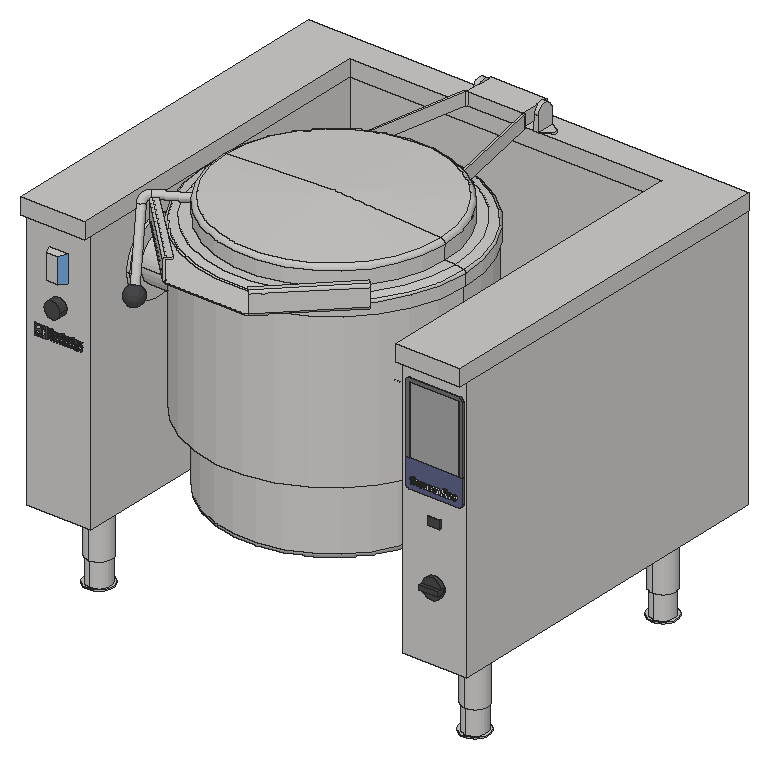
Revit family "QF_ELECTROLUXPROFESSIONAL_587100_PBOT06ECIO", category Attrezzature speciali, Revit 2020
Family settings
  Quota connettore circolare = Usa diametro
  Tipo di parte = Normale
  Basato su piano di lavoro = No
  Sempre verticale = Sì
  Taglio con vuoti quando caricato = No
  Condiviso = No
  Punto di calcolo locali = No
Parameters (values of type "Standard")
  Weight = 170.00 kg
  Watts = 12200 W
  Volts = 440 V
  URL Manufacturer = "https://www.electroluxprofessional.com/"
  URL = "https://www.electroluxprofessional.com/"
  Steam Supply Size = 0 mm
  Steam Supply Minimum Pressure = 0.0 Pa
  Steam Supply Maximum Pressure = 0.0 Pa
  Steam Consumption per Hour = 0
  Refrigeration Suction Line Size = 0.0 mm
  Refrigeration Liquid Line Size = 0.0 mm
  Refrigerant Compressor Remote = yes
  Prospetto di default = 0.0 mm
  Produttore = "Electrolux Professional"
  Phase = 3
  Modello = "PBOT06ECIO"
  Length Actual = 1100.0 mm  # constant formula
  Item Number = "587100"
  Hot Water Size = 12.7 mm
  Height Actual = 700.0 mm  # constant formula
  HP = "16.4 HP"
  Gas Size = 0 mm
  Gas KW = 0
  Gas Input Pressure = 0 W
  Direct Waste Size = 0 mm
  Descrizione = "ELECTRIC BOILING PAN,TILTING,60LT,440V,FS,MARINE"
  Depth Actual = 900.0 mm  # constant formula
  Cycle = 50 Hz
  Condensate Return Size = 0 mm
  Compressed Air Volume = 0.0 L/s
  Compressed Air Size = 0 mm
  Compressed Air Pressure = 0.0 Pa
  Cold Water Size = 12.7 mm
  Accessory = yes
Reference planes
  plane 1 "Center (Front/Back)": y = 0
  plane 2: z = 0
  plane 3 "Center (Left/Right)": x = 0
  plane 4 "LEFT": x = -550
  plane 5 "RIGHT": x = 550
  plane 6 "BACK": y = 450
  plane 7 "FRONT": y = -450
  plane 8 "Base": z = 200
  plane 9 "TOP": z = 900
  plane 10: x = -390
  plane 11: x = 390
  plane 12 "Axe_PentolaY": y = -230
  plane 13 "AxePentolaZ": z = 730
  plane 14 "PLANE_TOP": z = 860
  plane 15: y = 380
  plane 16: x = -324.5
  plane 17: z = 880
  plane 18: z = 495
  plane 19: z = 295
  plane 20: x = -278.5
  plane 21: y = -558
  plane 22 "CentroPentolaY": y = -158
  plane 23 "TopCoperchio": z = 981
  plane 24 "Versamento": z = 910
  plane 25 "V1": through (-107.18, -558, 4000) normal (-0.7071, -0.7071, 0)
  plane 26 "V2": through (107.18, -558, 4000) normal (-0.7071, 0.7071, 0)
  plane 27 "Gfront": y = -1300
  plane 28 "LEVEL": through (-245.562, -289.383, 4000) normal (0.866, 0.5, 0)
  plane 29 "GRight": x = 250
  plane 30 "GLeft": x = -250
  plane 31 "Gback": y = -100
  plane 32: z = 1756
  plane 33 "Ribaltamento": y = -623
  plane 34: x = -470
  plane 35: x = 470
Forms (mm)
  Revolve 1, solid, material "QF_Finishes_Stainless Steel"
    sketch origin (0, 0, 730) x (-1, 0, 0) y (0, -1, 0)
      loop
        line (390, 230) -> (-390, 230) -> (-390, 140) -> (-380, 140) -> (-380, 173) -> (380, 173) -> (380, 140) -> (390, 140) -> (390, 230)
      axis (390, 230) -> (-390, 230)
    angle from 0 to 360
  Extrusion 2, solid, material "QF_Finishes_Stainless Steel"
    sketch origin (0, 0, 860) x (-1, 0, 0) y (0, -1, 0)
      loop
        line (550, 450) -> (390, 450) -> (390, -380) -> (-390, -380) -> (-390, 450) -> (-550, 450) -> (-550, -450) -> (550, -450) -> (550, 450)
    from 0 to 40
  Extrusion 3, solid, material "QF_Finishes_Stainless Steel"
    sketch origin (0, 0, 860) x (-1, 0, 0) y (0, -1, 0)
      loop
        line (390, -380) -> (-390, -380) -> (-390, -450) -> (390, -450) -> (390, -380)
    from 0 to -360
  Revolve 4, solid, material "QF_Finishes_Stainless Steel"
    sketch origin (0, -158, 0) x (-1, 0, 0) y (0, 0, 1)
      loop
        line (0, 880) -> (0, 295)
        arc (0, 295) -> (134.311, 298.607) -> (268.234, 309.425) r 2500
        arc (268.234, 309.425) -> (275.557, 313.176) -> (278.5, 320.859) r 11.5
        line (278.5, 320.859) -> (278.5, 495) -> (324.5, 495) -> (324.5, 880) -> (0, 880)
      axis (0, 880) -> (0, 295)
    angle from 0 to 360
  Revolve 5, solid, material "QF_Finishes_Stainless Steel"
    sketch origin (0, -158, 0) x (-1, 0, 0) y (0, 0, 1)
      loop
        line (329.5, 880) -> (329.5, 908.417)
        arc (329.5, 908.417) -> (328.283, 912.04) -> (325.126, 914.193) r 6
        line (325.126, 914.193) -> (304.5, 920) -> (278.5, 920) -> (278.5, 954.728)
        arc (278.5, 954.728) -> (275.569, 962.398) -> (268.269, 966.158) r 11.5
        arc (268.269, 966.158) -> (134.339, 977.287) -> (0, 981) r 2431.82
        line (0, 981) -> (0, 880) -> (329.5, 880)
      axis (0, 981) -> (0, 880)
    angle from 0 to 360
  Extrusion 6, solid, material "QF_Finishes_Stainless Steel"
    sketch origin (0, 0, 910) x (-1, 0, 0) y (0, -1, 0)
      loop
        line (252.412, 369.799) -> (271.162, 385.532) -> (98.694, 558) -> (-98.694, 558) -> (-102.937, 553.757) -> (-271.162, 385.532) -> (-252.412, 369.799)
        arc (-252.412, 369.799) -> (0, 487.5) -> (252.412, 369.799) r 329.5
    from 0 to 3
  Sweep 7, solid, material "QF_Finishes_Stainless Steel"
    path origin (0, 0, 910) x (-1, 0, 0) y (0, -1, 0)
      loop
        line (107.18, 558) -> (275.776, 389.404)
    profile origin (-191.478, -473.702, 910) x (-0.707107, -0.707107, 0) y (0, 0, 1)
      loop
        arc (-6, 0) -> (-1.757, 1.757) -> (0, 6) r 6
        line (0, 6) -> (0, 50)
        arc (0, 50) -> (-1.757, 54.243) -> (-6, 56) r 6
        line (-6, 56) -> (-19, 56) -> (-19, 53) -> (-6, 53)
        arc (-6, 53) -> (-3.879, 52.121) -> (-3, 50) r 3
        line (-3, 50) -> (-3, 6)
        arc (-3, 6) -> (-3.879, 3.879) -> (-6, 3) r 3
        line (-6, 3) -> (-19, 3) -> (-19, 0) -> (-6, 0)
  Sweep 8, solid, material "QF_Finishes_Stainless Steel"
    path origin (0, 0, 910) x (-1, 0, 0) y (0, -1, 0)
      loop
        line (-107.18, 558) -> (-275.776, 389.404)
    profile origin (191.478, -473.702, 910) x (-0.707107, 0.707107, 0) y (0, 0, 1)
      loop
        arc (0, 6) -> (1.757, 1.757) -> (6, 0) r 6
        line (6, 0) -> (19, 0) -> (19, 3) -> (6, 3)
        arc (6, 3) -> (3.879, 3.879) -> (3, 6) r 3
        line (3, 6) -> (3, 50)
        arc (3, 50) -> (3.879, 52.121) -> (6, 53) r 3
        line (6, 53) -> (19, 53) -> (19, 56) -> (6, 56)
        arc (6, 56) -> (1.757, 54.243) -> (0, 50) r 6
        line (0, 50) -> (0, 6)
  Extrusion 9, solid, material "QF_Finishes_Stainless Steel"
    sketch origin (0, 0, 0) x (0, 1, 0) y (0, 0, 1)
      loop
        line (420, 900) -> (420, 938.813)
        arc (420, 938.813) -> (400, 958.813) -> (380, 938.813) r 20
        line (380, 938.813) -> (380, 900) -> (420, 900)
    from -70 to -82
  Extrusion 10, solid, material "QF_Finishes_Stainless Steel"
    sketch origin (0, 0, 900) x (0, 1, 0) y (-1, 0, 0)
      loop
        arc (340.954, 71.665) -> (343.858, 69.937) -> (345, 66.757) r 5
        line (345, 66.757) -> (345, -66.757)
        arc (345, -66.757) -> (343.858, -69.937) -> (340.954, -71.665) r 5
        line (340.954, -71.665) -> (93.426, -119.779)
        arc (93.426, -119.779) -> (92.062, -122.602) -> (90.666, -125.409) r 278.5
        line (90.666, -125.409) -> (341.908, -76.573)
        arc (341.908, -76.573) -> (346.566, -74.299) -> (349.459, -70) r 10
        line (349.459, -70) -> (420, -70) -> (420, 70) -> (349.459, 70)
        arc (349.459, 70) -> (346.566, 74.299) -> (341.908, 76.573) r 10
        line (341.908, 76.573) -> (90.666, 125.409)
        arc (90.666, 125.409) -> (92.062, 122.602) -> (93.426, 119.779) r 278.5
        line (93.426, 119.779) -> (340.954, 71.665)
    from 23.419 to 54.644
  Extrusion 11, solid, material "QF_Finishes_Stainless Steel"
    sketch origin (0, 0, 0) x (0, 1, 0) y (0, 0, 1)
      loop
        line (420, 900) -> (420, 938.813)
        arc (420, 938.813) -> (400, 958.813) -> (380, 938.813) r 20
        line (380, 938.813) -> (380, 900) -> (420, 900)
    from 70 to 82
  Extrusion 12, solid, material "QF_Finishes_Stainless Steel"
    sketch origin (0, 0, 900) x (0, 1, 0) y (-1, 0, 0)
      loop
        arc (391.973, -103.927) -> (400, -108.689) -> (408.027, -103.927) r 9.146
        line (408.027, -103.927) -> (420, -82) -> (380, -82) -> (391.973, -103.927)
      loop
        line (391.973, 103.927) -> (380, 82) -> (420, 82) -> (408.027, 103.927)
        arc (408.027, 103.927) -> (400, 108.689) -> (391.973, 103.927) r 9.146
    from 0 to 3
  Extrusion 13, solid, material "QF_Door-Drawer Clearances", detail levels coarse
    sketch origin (0, 0, 0) x (0, 1, 0) y (0, 0, 1)
      loop
        line (420, 954.644) -> (-100, 1756.433)
        arc (-100, 1756.433) -> (-429.239, 1419.298) -> (-558, 966) r 958.386
        line (-558, 966) -> (-427.491, 966)
        arc (-427.491, 966) -> (-426.775, 966.163) -> (-426.05, 966.281) r 12.073
        arc (-426.05, 966.281) -> (-158, 981) -> (110.05, 966.281) r 2448.189
        arc (110.05, 966.281) -> (117.432, 962.392) -> (120.529, 954.644) r 12.073
        line (120.529, 954.644) -> (420, 954.644)
    from -125 to 125
  Extrusion 14, solid, material "QF_Door-Drawer Clearances", detail levels coarse
    sketch origin (0, 0, 0) x (0, 1, 0) y (0, 0, 1)
      loop
        arc (-558, 946.483) -> (-618.885, 673.279) -> (-482.5, 428.848) r 393
        line (-482.5, 428.848) -> (-482.5, 880) -> (-487.5, 880) -> (-487.5, 910) -> (-553.757, 910)
        spline (-553.757, 910) -> (-554.311, 910.051) -> (-554.855, 910.204) -> (-555.381, 910.457) -> (-555.879, 910.804) -> (-556.34, 911.24) -> (-556.757, 911.757) -> (-557.123, 912.347) -> (-557.432, 913) -> (-557.677, 913.704) -> (-557.855, 914.447) -> (-557.964, 915.217) -> (-558, 916)
        line (-558, 916) -> (-558, 946.483)
    from -100 to 100
Cuts and joins
  joined: Extrusion 6, Sweep 7, Sweep 8
Lines and regions (mm)
  symbolic lines
    curve 1: line (550, 450, 900) -> (-550, 450, 900)
    curve 2: line (550, -450, 900) -> (550, 450, 900)
    curve 3: line (-550, 450, 900) -> (-550, -450, 900)
    curve 4: line (-550, -450, 900) -> (-390, -450, 900)
    curve 5: line (-390, -450, 900) -> (-390, 380, 900)
    curve 6: line (390, 380, 900) -> (390, -450, 900)
    curve 7: line (390, -450, 900) -> (550, -450, 900)
    curve 8: line (380, -140, 900) -> (380, -320, 900)
    curve 9: line (-380, -140, 900) -> (-380, -320, 900)
    curve 10: arc (329.5, -158, 900) -> (0, 171.5, 900) -> (-329.5, -158, 900) r 329.5
    curve 11: arc (-280.749, -330.483, 900) -> (285.355, 6.75, 900) -> (-289.749, -314.894, 900) r 329.5
    curve 12: circle (0, -158, 900) r 278.5 normal (0, 0, 1)
    curve 13: arc (-259.09, -317.978, 900) -> (263.705, -5.75, 900) -> (-268.09, -302.389, 900) r 304.5
    curve 14: line (-380, -140, 900) -> (-390, -140, 900)
    curve 15: line (-380, -320, 900) -> (-390, -320, 900)
    curve 16: line (380, -140, 900) -> (390, -140, 900)
    curve 17: line (380, -320, 900) -> (390, -320, 900)
    curve 18: line (-70, 349.459, 900) -> (-70, 420, 900)
    curve 19: line (-82, 420, 900) -> (82, 420, 900)
    curve 20: line (70, 420, 900) -> (70, 349.459, 900)
    curve 21: line (-119.779, 93.426, 900) -> (-71.665, 340.954, 900)
    curve 22: line (-76.573, 341.908, 900) -> (-125.409, 90.666, 900)
    curve 23: line (71.665, 340.954, 900) -> (119.779, 93.426, 900)
    curve 24: line (-66.757, 345, 900) -> (66.757, 345, 900)
    curve 25: line (125.409, 90.666, 900) -> (76.573, 341.908, 900)
    curve 26: arc (-70, 349.459, 900) -> (-74.299, 346.566, 900) -> (-76.573, 341.908, 900) r 10
    curve 27: arc (-71.665, 340.954, 900) -> (-69.937, 343.858, 900) -> (-66.757, 345, 900) r 5
    curve 28: arc (66.757, 345, 900) -> (69.937, 343.858, 900) -> (71.665, 340.954, 900) r 5
    curve 29: arc (76.573, 341.908, 900) -> (74.299, 346.566, 900) -> (70, 349.459, 900) r 10
    curve 30: line (107.18, -558, 900) -> (-107.18, -558, 900)
    curve 31: line (-107.18, -558, 900) -> (-275.776, -389.404, 900)
    curve 32: line (-275.776, -389.404, 900) -> (-262.341, -375.969, 900)
    curve 33: line (-262.341, -375.969, 900) -> (-93.745, -544.565, 900)
    curve 34: line (-93.745, -544.565, 900) -> (-107.18, -558, 900)
    curve 35: line (107.18, -558, 900) -> (93.745, -544.565, 900)
    curve 36: line (93.745, -544.565, 900) -> (262.341, -375.969, 900)
    curve 37: line (262.341, -375.969, 900) -> (275.776, -389.404, 900)
    curve 38: line (275.776, -389.404, 900) -> (107.18, -558, 900)
    curve 39: line (261.166, -377.144, 900) -> (252.412, -369.799, 900)
    curve 40: line (-261.166, -377.144, 900) -> (-252.412, -369.799, 900)
    curve 41: line (-103.927, 391.973, 900) -> (-82, 380, 900)
    curve 42: arc (-103.927, 408.027, 900) -> (-108.689, 400, 900) -> (-103.927, 391.973, 900) r 9.146
    curve 43: line (-82, 420, 900) -> (-103.927, 408.027, 900)
    curve 44: line (-82, 420, 900) -> (-82, 380, 900)
    curve 45: line (82, 380, 900) -> (82, 420, 900)
    curve 46: line (103.927, 408.027, 900) -> (82, 420, 900)
    curve 47: arc (103.927, 391.973, 900) -> (108.689, 400, 900) -> (103.927, 408.027, 900) r 9.146
    curve 48: line (82, 380, 900) -> (103.927, 391.973, 900)
    curve 54: line (-390, 380, 900) -> (-70, 380, 900)
    curve 55: line (390, 380, 900) -> (70, 380, 900)
    curve 56: line (-380, -172.761, 900) -> (-329.169, -172.761, 900)
    curve 57: line (-380, -286.868, 900) -> (-303.254, -286.868, 900)
    curve 58: line (380, -172.761, 900) -> (329.169, -172.761, 900)
    curve 59: line (380, -286.868, 900) -> (303.254, -286.868, 900)
  symbolic lines, style "SpecialityEquipmentHiddenLines"
    curve 49: line (-250, -1300, 900) -> (250, -1300, 900)
    curve 50: line (-250, -100, 900) -> (-250, -1300, 900)
    curve 51: line (250, -100, 900) -> (-250, -100, 900)
    curve 52: line (250, -1300, 900) -> (250, -100, 900)
    curve 76: line (0, -1165.484, 900) -> (0, -1135.484, 900)
    curve 77: line (-15, -1150.484, 900) -> (15, -1150.484, 900)
  symbolic lines, style "SpecialityEquipment"
    curve 53: circle (0, -1150.484, 900) r 15 normal (0, 0, 1)
    curve 60: line (210, -1300, 900) -> (210, -1100, 900)
    curve 61: line (170, -1300, 900) -> (170, -1140, 900)
    curve 62: line (130, -1300, 900) -> (130, -1180, 900)
    curve 63: line (90, -1300, 900) -> (90, -1220, 900)
    curve 64: line (90, -1260, 900) -> (250, -1260, 900)
    curve 65: line (130, -1220, 900) -> (250, -1220, 900)
    curve 66: line (170, -1180, 900) -> (250, -1180, 900)
    curve 67: line (210, -1140, 900) -> (250, -1140, 900)
    curve 68: line (-210, -1300, 900) -> (-210, -1100, 900)
    curve 69: line (-170, -1300, 900) -> (-170, -1140, 900)
    curve 70: line (-130, -1300, 900) -> (-130, -1180, 900)
    curve 71: line (-90, -1300, 900) -> (-90, -1220, 900)
    curve 72: line (-90, -1260, 900) -> (-250, -1260, 900)
    curve 73: line (-130, -1220, 900) -> (-250, -1220, 900)
    curve 74: line (-170, -1180, 900) -> (-250, -1180, 900)
    curve 75: line (-210, -1140, 900) -> (-250, -1140, 900)
Dimensions and locks
  plane 4 "LEFT" to plane 5 "RIGHT" = 1100.0 mm
  equal spacing: plane 4 "LEFT", plane 3 "Center (Left/Right)", plane 5 "RIGHT"
  equal spacing: plane 6 "BACK", plane 1 "Center (Front/Back)", plane 7 "FRONT"
  plane 6 "BACK" to plane 7 "FRONT" = 900.0 mm
  plane 8 "Base" to level = 200.0 mm
  plane 9 "TOP" to level = 900.0 mm
  plane 9 "TOP" to plane 8 "Base" = 700.0 mm
  locked: plane 4 "LEFT" to plane 10 at 160
  locked: plane 11 to plane 5 "RIGHT" at 160
  locked: plane 6 "BACK" to plane 12 "Axe_PentolaY" at 680
  locked: plane 13 "AxePentolaZ" to plane 8 "Base" at 530
  locked: Revolve 1 sketch curve to Revolve 1 sketch curve at 57
  locked: Revolve 1 sketch curve to Revolve 1 sketch curve at 90
  locked: plane 10 to Revolve 1 sketch curve at 10
  locked: Revolve 1 sketch curve to plane 11 at 10
  locked: plane 9 "TOP" to plane 14 "PLANE_TOP" at 40
  plane 6 "BACK" to plane 15 = 70.0 mm
  locked: plane 17 to plane 13 "AxePentolaZ" at 150
  locked: plane 13 "AxePentolaZ" to plane 18 at 235
  locked: plane 18 to plane 19 at 200
  locked: plane 3 "Center (Left/Right)" to plane 16 at 324.5
  locked: plane 3 "Center (Left/Right)" to plane 20 at 278.5
  Revolve 5 sketch curve to plane 17 = 40.0 mm
  locked: plane 16 to Revolve 5 sketch curve at 5
  plane 6 "BACK" to plane 21 = 1008.0 mm
  locked: plane 6 "BACK" to plane 22 "CentroPentolaY" at 608
  locked: plane 23 "TopCoperchio" to plane 9 "TOP" at 81
  locked: plane 24 "Versamento" to level at 910
  plane 6 "BACK" to plane 27 "Gfront" = 1750.0 mm
  locked: plane 30 "GLeft" to plane 3 "Center (Left/Right)" at 250
  locked: plane 3 "Center (Left/Right)" to plane 29 "GRight" at 250
  plane 6 "BACK" to plane 31 "Gback" = 550.0 mm
  plane 32 to plane 9 "TOP" = 856.0 mm
  plane 6 "BACK" to plane 33 "Ribaltamento" = 1073.0 mm
  equal spacing: plane 10, plane 34, plane 4 "LEFT"
  equal spacing: plane 5 "RIGHT", plane 35, plane 11
  aligned and locked: level to plane 2
  aligned and locked: plane 5 "RIGHT" to nested 2
  aligned and locked: plane 4 "LEFT" to nested 1
  aligned and locked: plane 8 "Base" to nested 1
  aligned and locked: plane 8 "Base" to nested 2
  aligned and locked: plane 6 "BACK" to nested 2
  aligned and locked: plane 6 "BACK" to nested 1
  aligned and locked: plane 10 to Revolve 1 sketch curve
  aligned and locked: plane 11 to Revolve 1 sketch curve
  aligned and locked: plane 4 "LEFT" to Extrusion 2 sketch curve
  aligned and locked: Extrusion 2 sketch curve to plane 10
  aligned and locked: plane 7 "FRONT" to Extrusion 2 sketch curve  (x2)
  aligned and locked: Extrusion 2 sketch curve to plane 5 "RIGHT"
  aligned and locked: plane 11 to Extrusion 2 sketch curve
  aligned and locked: Extrusion 2 sketch curve to plane 6 "BACK"
  aligned and locked: plane 15 to Extrusion 2 sketch curve
  aligned and locked: Extrusion 3 sketch curve to plane 10
  aligned and locked: plane 6 "BACK" to Extrusion 3 sketch curve
  aligned and locked: plane 11 to Extrusion 3 sketch curve
  aligned and locked: Extrusion 3 sketch curve to plane 15
  aligned and locked: plane 3 "Center (Left/Right)" to Revolve 4 sketch curve
  aligned and locked: Revolve 4 sketch curve to plane 20
  aligned and locked: Revolve 4 sketch curve to plane 18
  aligned and locked: Revolve 4 sketch curve to plane 16
  aligned and locked: plane 17 to Revolve 4 sketch curve
  aligned and locked: Revolve 5 sketch curve to plane 17
  aligned and locked: Extrusion 9 sketch curve to plane 15
  aligned and locked: Extrusion 9 sketch curve to Extrusion 2
  aligned and locked: curve 49 to plane 27 "Gfront"
  aligned and locked: curve 50 to plane 30 "GLeft"
  aligned and locked: plane 29 "GRight" to curve 52
  aligned and locked: plane 31 "Gback" to curve 51
  aligned and locked: plane 34 to nested 3
  aligned and locked: plane 35 to nested 4
Automatic sketch dimensions
  Revolve 1 sketch curve to plane 12 "Axe_PentolaY" = 0.0 mm  (x2)
  plane 22 "CentroPentolaY" to Revolve 1 sketch curve = 18.0 mm
  plane 5 "RIGHT" to Revolve 1 sketch curve = 432.098 mm
  Revolve 1 sketch curve to plane 4 "LEFT" = 580.148 mm
  Revolve 4 sketch curve to plane 3 "Center (Left/Right)" = 0.0 mm
  Revolve 4 sketch curve to plane 19 = 0.0 mm
  Revolve 4 sketch curve to plane 3 "Center (Left/Right)" = 0.059 mm
  Revolve 4 sketch curve to Revolve 4 sketch curve = 11.5 mm
  plane 19 to Revolve 4 sketch curve = 25.859 mm
  plane 23 "TopCoperchio" to Revolve 4 sketch curve = 1814.0 mm
  level to Revolve 4 sketch curve = 60.0 mm
  plane 23 "TopCoperchio" to Revolve 4 sketch curve = 179.0 mm
  Revolve 5 sketch curve to plane 3 "Center (Left/Right)" = 0.0 mm  (x2)
  plane 20 to Revolve 5 sketch curve = 0.0 mm
  Revolve 5 sketch curve to plane 23 "TopCoperchio" = 0.0 mm
  Revolve 5 sketch curve to Revolve 5 sketch curve = 11.5 mm
  plane 16 to Revolve 5 sketch curve = 20.0 mm
  plane 16 to Revolve 5 sketch curve = 1.0 mm
  Revolve 5 sketch curve to plane 16 = 0.626 mm
  Revolve 5 sketch curve to level = 1450.82 mm
  Revolve 5 sketch curve to plane 24 "Versamento" = 1.583 mm
  Revolve 5 sketch curve to plane 23 "TopCoperchio" = 26.272 mm
  Revolve 5 sketch curve to plane 18 = 95.0 mm
  plane 23 "TopCoperchio" to Revolve 5 sketch curve = 179.0 mm
  Sweep 7 sketch curve to plane 21 = 0.0 mm
  plane 25 "V1" to Sweep 7 sketch curve = 0.0 mm  (x2)
  plane 20 to Sweep 7 sketch curve = 2.724 mm
  Sweep 7 sketch curve to Sweep 7 sketch curve = 0.0 mm  (x4)
  plane 24 "Versamento" to Sweep 7 sketch curve = 0.0 mm
  Sweep 7 sketch curve to profile plane = 0.0 mm
  Sweep 7 sketch curve to Sweep 7 sketch curve = 3.0 mm  (x3)
  Sweep 7 sketch curve to Sweep 7 sketch curve = 13.0 mm  (x2)
  Sweep 7 sketch curve to Sweep 7 sketch curve = 44.0 mm
  Sweep 8 sketch curve to plane 26 "V2" = 0.0 mm  (x2)
  Sweep 8 sketch curve to plane 21 = 0.0 mm
  plane 29 "GRight" to Sweep 8 sketch curve = 25.776 mm
  Sweep 8 sketch curve to Sweep 8 sketch curve = 0.0 mm  (x4)
  Sweep 8 sketch curve to profile plane = 0.0 mm
  plane 24 "Versamento" to Sweep 8 sketch curve = 0.0 mm
  Sweep 8 sketch curve to Sweep 8 sketch curve = 3.0 mm  (x2)
  Sweep 8 sketch curve to profile plane = 6.0 mm
  Sweep 8 sketch curve to Sweep 8 sketch curve = 13.0 mm  (x2)
  Sweep 8 sketch curve to Sweep 8 sketch curve = 44.0 mm
  plane 15 to Extrusion 9 sketch curve = 20.0 mm
  plane 24 "Versamento" to Extrusion 9 sketch curve = 28.813 mm
  Extrusion 10 sketch curve to Extrusion 10 sketch curve = 0.0 mm  (x6)
  Extrusion 10 sketch curve to plane 3 "Center (Left/Right)" = 0.0 mm
  Extrusion 10 sketch curve to plane 22 "CentroPentolaY" = 0.0 mm
  Extrusion 10 sketch curve to plane 1 "Center (Front/Back)" = 90.666 mm  (x2)
  Extrusion 10 sketch curve to Extrusion 10 sketch curve = 2.76 mm  (x2)
  Extrusion 10 sketch curve to plane 15 = 40.0 mm  (x2)
  Extrusion 10 sketch curve to Extrusion 10 sketch curve = 0.954 mm  (x4)
  Extrusion 10 sketch curve to Extrusion 10 sketch curve = 5.0 mm
  Extrusion 10 sketch curve to Extrusion 10 sketch curve = 4.459 mm  (x2)
  Extrusion 10 sketch curve to plane 6 "BACK" = 30.0 mm
  plane 3 "Center (Left/Right)" to Extrusion 10 sketch curve = 66.757 mm
  plane 3 "Center (Left/Right)" to Extrusion 10 sketch curve = 70.0 mm
  plane 3 "Center (Left/Right)" to Extrusion 10 sketch curve = 119.779 mm
  Extrusion 10 sketch curve to plane 3 "Center (Left/Right)" = 66.757 mm
  Extrusion 10 sketch curve to Extrusion 10 sketch curve = 3.243 mm
  Extrusion 10 sketch curve to plane 3 "Center (Left/Right)" = 119.779 mm
  Extrusion 11 sketch curve to plane 9 "TOP" = 0.0 mm
  Extrusion 11 sketch curve to plane 15 = 0.0 mm
  plane 15 to Extrusion 11 sketch curve = 20.0 mm
  plane 24 "Versamento" to Extrusion 11 sketch curve = 28.813 mm
  Extrusion 12 sketch curve to plane 15 = 0.0 mm  (x2)
  plane 15 to Extrusion 12 sketch curve = 11.973 mm  (x2)
  Extrusion 12 sketch curve to Extrusion 12 sketch curve = 8.027 mm  (x4)
  Extrusion 12 sketch curve to Extrusion 12 sketch curve = 11.973 mm  (x2)
  plane 3 "Center (Left/Right)" to Extrusion 12 sketch curve = 103.927 mm
  Extrusion 12 sketch curve to Extrusion 12 sketch curve = 4.383 mm  (x2)
  Extrusion 12 sketch curve to Extrusion 12 sketch curve = 21.927 mm
  Extrusion 12 sketch curve to plane 3 "Center (Left/Right)" = 82.0 mm
  Extrusion 12 sketch curve to Extrusion 12 sketch curve = 17.543 mm
  Extrusion 13 sketch curve to plane 22 "CentroPentolaY" = 0.0 mm
  Extrusion 13 sketch curve to plane 31 "Gback" = 0.0 mm
  plane 7 "FRONT" to Extrusion 13 sketch curve = 22.509 mm
  Extrusion 13 sketch curve to Extrusion 13 sketch curve = 3.031 mm
  Extrusion 13 sketch curve to plane 23 "TopCoperchio" = 26.686 mm
  Extrusion 13 sketch curve to plane 1 "Center (Front/Back)" = 108.46 mm
  Extrusion 13 sketch curve to Extrusion 13 sketch curve = 12.068 mm
  Extrusion 13 sketch curve to level = 1467.189 mm
  Extrusion 13 sketch curve to Extrusion 13 sketch curve = 11.686 mm
  Extrusion 13 sketch curve to Extrusion 13 sketch curve = 1.441 mm
  plane 32 to Extrusion 13 sketch curve = 0.433 mm
  Extrusion 13 sketch curve to plane 21 = 0.0 mm
  plane 15 to Extrusion 13 sketch curve = 20.0 mm
  Extrusion 13 sketch curve to Extrusion 13 sketch curve = 20.0 mm
  Extrusion 13 sketch curve to Extrusion 13 sketch curve = 15.501 mm
  Extrusion 13 sketch curve to Extrusion 13 sketch curve = 0.331 mm
  Extrusion 14 sketch curve to plane 21 = 0.0 mm
  Extrusion 14 sketch curve to plane 24 "Versamento" = 0.0 mm
  Extrusion 14 sketch curve to plane 17 = 0.0 mm
  Extrusion 14 sketch curve to plane 12 "Axe_PentolaY" = 0.0 mm
  Extrusion 14 sketch curve to plane 13 "AxePentolaZ" = 0.0 mm
  Extrusion 14 sketch curve to plane 7 "FRONT" = 37.5 mm
  Extrusion 14 sketch curve to plane 7 "FRONT" = 32.5 mm
  Extrusion 14 sketch curve to plane 18 = 66.152 mm
  plane 21 to Extrusion 14 sketch curve = 4.243 mm
  Extrusion 14 sketch curve to Extrusion 14 sketch curve = 4.243 mm
  plane 24 "Versamento" to Extrusion 14 sketch curve = 6.0 mm
  Extrusion 14 sketch curve to Extrusion 14 sketch curve = 0.0 mm
  Extrusion 6 sketch curve to plane 3 "Center (Left/Right)" = 0.0 mm
  Extrusion 6 sketch curve to plane 21 = 0.0 mm
  Extrusion 6 sketch curve to plane 22 "CentroPentolaY" = 0.0 mm
  plane 3 "Center (Left/Right)" to Extrusion 6 sketch curve = 98.694 mm
  plane 21 to Extrusion 6 sketch curve = 4.243 mm
  Extrusion 6 sketch curve to Extrusion 6 sketch curve = 4.243 mm
  plane 29 "GRight" to Extrusion 6 sketch curve = 2.412 mm
  plane 29 "GRight" to Extrusion 6 sketch curve = 21.162 mm
  Extrusion 6 sketch curve to plane 30 "GLeft" = 2.412 mm
  plane 20 to Extrusion 6 sketch curve = 7.338 mm
  plane 7 "FRONT" to Extrusion 6 sketch curve = 80.201 mm
  Extrusion 6 sketch curve to Extrusion 6 sketch curve = 15.734 mm  (x2)
  Extrusion 6 sketch curve to plane 3 "Center (Left/Right)" = 98.694 mm
  curve 10 to curve 11 = 0.0 mm  (x4)
  curve 10 to curve 12 = 0.0 mm  (x3)
  curve 10 to curve 13 = 0.0 mm  (x4)
  curve 26 to curve 27 = 0.0 mm  (x2)
  curve 28 to curve 29 = 0.0 mm  (x2)
  curve 76 to plane 3 "Center (Left/Right)" = 0.0 mm
  curve 53 to plane 3 "Center (Left/Right)" = 0.0 mm
  curve 35 to plane 21 = 0.0 mm
  curve 5 to plane 7 "FRONT" = 0.0 mm
  curve 7 to plane 5 "RIGHT" = 0.0 mm
  curve 7 to plane 7 "FRONT" = 0.0 mm
  plane 25 "V1" to curve 32 = 0.0 mm
  curve 38 to plane 26 "V2" = 0.0 mm  (x2)
  curve 17 to plane 11 = 0.0 mm
  curve 15 to plane 10 = 0.0 mm
  curve 55 to plane 15 = 0.0 mm
  curve 54 to plane 15 = 0.0 mm
  curve 2 to plane 6 "BACK" = 0.0 mm
  plane 25 "V1" to curve 31 = 0.0 mm
  curve 3 to plane 4 "LEFT" = 0.0 mm
  plane 27 "Gfront" to curve 53 = 149.516 mm
  plane 21 to curve 33 = 13.435 mm
  plane 21 to curve 35 = 13.435 mm
  plane 20 to curve 32 = 2.724 mm
  plane 29 "GRight" to curve 38 = 25.776 mm
  plane 10 to curve 9 = 10.0 mm
  curve 9 to plane 12 "Axe_PentolaY" = 90.0 mm
  curve 8 to plane 11 = 10.0 mm
  curve 8 to plane 12 "Axe_PentolaY" = 90.0 mm
  plane 22 "CentroPentolaY" to curve 8 = 18.0 mm
  plane 22 "CentroPentolaY" to curve 14 = 18.0 mm
  curve 26 to plane 15 = 40.0 mm
  curve 28 to plane 15 = 40.0 mm
  curve 26 to curve 21 = 0.954 mm
  curve 28 to curve 23 = 0.954 mm
  curve 27 to curve 22 = 0.954 mm
  curve 28 to curve 25 = 0.954 mm
  curve 26 to curve 24 = 5.0 mm
  curve 24 to curve 20 = 4.459 mm
  curve 27 to curve 18 = 4.459 mm
  plane 15 to curve 48 = 11.973 mm
  plane 15 to curve 41 = 11.973 mm
  curve 42 to curve 42 = 8.027 mm
  curve 48 to curve 47 = 8.027 mm
  curve 42 to curve 43 = 8.027 mm
  curve 47 to curve 46 = 8.027 mm
  curve 43 to curve 43 = 11.973 mm
  plane 3 "Center (Left/Right)" to curve 48 = 103.927 mm
  curve 46 to curve 47 = 4.383 mm
  curve 46 to curve 45 = 21.927 mm
  curve 45 to curve 25 = 5.427 mm
  curve 25 to curve 23 = 4.908 mm
  curve 26 to plane 3 "Center (Left/Right)" = 66.757 mm
  curve 27 to curve 18 = 3.243 mm
  curve 18 to curve 44 = 12.0 mm
  curve 19 to curve 42 = 17.543 mm
  curve 42 to curve 41 = 4.383 mm
  curve 71 to curve 72 = 40.0 mm
  curve 63 to curve 64 = 40.0 mm
  curve 72 to curve 73 = 40.0 mm
  curve 64 to curve 65 = 40.0 mm
  curve 63 to curve 65 = 0.0 mm
  curve 73 to curve 71 = 0.0 mm
  curve 73 to curve 74 = 40.0 mm
  curve 65 to curve 62 = 40.0 mm
  curve 62 to curve 66 = 0.0 mm
  curve 74 to curve 70 = 0.0 mm
  curve 76 to curve 53 = 15.0 mm
  curve 77 to curve 53 = 0.0 mm
  curve 66 to curve 67 = 40.0 mm
  curve 74 to curve 75 = 40.0 mm
  curve 75 to curve 69 = 0.0 mm
  curve 61 to curve 67 = 0.0 mm
  curve 67 to curve 60 = 40.0 mm
  curve 75 to curve 68 = 40.0 mm
  curve 40 to plane 30 "GLeft" = 11.166 mm
  plane 29 "GRight" to curve 39 = 11.166 mm
  curve 40 to plane 30 "GLeft" = 2.412 mm
  curve 40 to curve 40 = 7.345 mm
  plane 29 "GRight" to curve 39 = 2.412 mm
  curve 11 to plane 20 = 2.249 mm
  curve 13 to plane 30 "GLeft" = 9.09 mm
  curve 11 to plane 20 = 11.249 mm
  plane 20 to curve 13 = 10.41 mm
  plane 29 "GRight" to curve 59 = 53.254 mm
  curve 9 to curve 57 = 33.132 mm
  curve 56 to plane 16 = 4.669 mm
  curve 58 to plane 22 "CentroPentolaY" = 14.761 mm
  curve 22 to plane 1 "Center (Front/Back)" = 90.666 mm
  curve 25 to plane 1 "Center (Front/Back)" = 90.666 mm
  curve 25 to curve 23 = 2.76 mm
  curve 22 to curve 21 = 2.76 mm
  curve 10 to curve 58 = 0.331 mm
  curve 67 to curve 67 = 40.0 mm
  curve 67 to curve 66 = 40.0 mm
  curve 61 to curve 62 = 40.0 mm
  plane 3 "Center (Left/Right)" to curve 25 = 125.409 mm
  curve 62 to curve 64 = 40.0 mm
  curve 71 to plane 3 "Center (Left/Right)" = 90.0 mm
  curve 71 to curve 73 = 40.0 mm
  curve 70 to curve 69 = 40.0 mm
  curve 68 to curve 49 = 40.0 mm
  curve 11 to curve 12 = 0.0 mm  (x2)
  curve 11 to curve 13 = 0.0 mm  (x2)
  curve 12 to curve 13 = 0.0 mm  (x2)
  curve 13 to plane 3 "Center (Left/Right)" = 0.0 mm
  curve 13 to plane 22 "CentroPentolaY" = 0.0 mm
  curve 11 to curve 13 = 12.505 mm
Nested families
  nested 1: "QF_ELECTROLUXPROFESSIONAL_PBOT900_LEFT" at (-470, 0, 0), type "QF_ELECTROLUXPROFESSIONAL_PBOT900_LEFT"
    with Body Finish QF_Finishes_Stainless Steel
  nested 2: "QF_ELECTROLUXPROFESSIONAL_PBOT900_RIGHT" at (470, 0, 0), type "QF_ELECTROLUXPROFESSIONAL_PBOT900_RIGHT"
    with Body Finish QF_Finishes_Stainless Steel
  nested 3: "QF_ELECTROLUXPROFESSIONAL_2FEET_THL_120xH200" at (-470, 0, 0), type "QF_ELECTROLUXPROFESSIONAL_2FEET_THL_120xH200"
  nested 4: "QF_ELECTROLUXPROFESSIONAL_2FEET_THL_120xH200" at (470, 0, 0), type "QF_ELECTROLUXPROFESSIONAL_2FEET_THL_120xH200"
  nested 5: "QF_ELECTROLUXPROFESSIONAL_PBOT900_LEVEL1" at (-241.188, -297.25, 940) x (0.866, 0.5, 0) z (0, 0, 1), type "QF_ELECTROLUXPROFESSIONAL_PBOT900_LEVEL1"
Connectors
  piping at (-500, 453, 395), diameter 12.7, driven by "Hot Water Size"
    settings: on nested 1, index 1, connector inside diameter 609.6 mm, connector length 0.0 mm, flow factor 0, pipe flow 0.0 L/s, pressure drop 0.0 Pa, fitting loss kfactor 0, connector angle 0.00°, fixture units 0, engagement length 0.0 mm, angle of deflection 0.00°, flow configuration 1, flow direction 1, fitting loss method 0, system type 19, joint type 0, gender type 0, connector reference index -1, connector utility 0, adjustable connector no, is connector primary yes, connector description "Hot Water Inlet"
  piping at (-440, 453, 395), diameter 12.7, driven by "Cold Water Size"
    settings: on nested 1, index 2, connector inside diameter 609.6 mm, connector length 0.0 mm, flow factor 0, pipe flow 0.0 L/s, pressure drop 0.0 Pa, fitting loss kfactor 0, connector angle 0.00°, fixture units 0, engagement length 0.0 mm, angle of deflection 0.00°, flow configuration 1, flow direction 1, fitting loss method 0, system type 20, joint type 0, gender type 0, connector reference index -1, connector utility 0, adjustable connector no, is connector primary no, connector description "Cold Water Inlet"
  electrical at (470, 450, 450), driven by "Volts"
    settings: on nested 2, index 3, voltage 440 V, apparent load 0 VA, apparent load phase1 0 VA, apparent load phase2 0 VA, apparent load phase3 0 VA, power factor 1, load classification "Other", number of poles 1, system type 30, power factor state 1, is connector primary yes, connector utility no, sub classification motor no, connector description "Electrical Connection"
Definition of nested family "QF_ELECTROLUXPROFESSIONAL_PBOT900_LEFT"
  Parameters
    Width = 160.0 mm
    Right = Width / 2  # 80.0 mm
    Default Elevation = 0.0 mm
    Left = -Width / 2  # -80.0 mm
    Htop = 40.0 mm
    Height = 900.0 mm
    HW_CW_y = 312.0 mm
    HW_CW_Border = 50.0 mm
    HBase = 200.0 mm
    Depth = 900.0 mm
    BorderFront = 20.0 mm
    Body Finish [instance] = none
  Reference planes
    plane 1 "Center (Front/Back)": y = 0
    plane 2: z = 0
    plane 3 "Center (Left/Right)": x = 0
    plane 4 "LEFT": x = -80
    plane 5 "RIGHT": x = 80
    plane 6 "BACK": y = 450
    plane 7 "FRONT": y = -450
    plane 8 "TRAYSLIDER": y = -811.8
    plane 9 "Base": z = 200
    plane 10 "TOP": z = 900
    plane 11 "BorderFront": y = -430
    plane 12: z = 860
    plane 13 "HW_CW": y = 138
    plane 14: x = -30
    plane 15: x = 30
  Forms (mm)
    Extrusion 1, solid
      sketch origin (0, 0, 0) x (1, 0, 0) y (0, 1, 0)
        loop
          line (-80, 450) -> (-80, -430) -> (80, -430) -> (80, 450) -> (-80, 450)
      from 860 to 200
    Extrusion 2, solid
      sketch origin (-1.5, -430, 0) x (-1, 0, 0) y (0, 0, 1)
        loop
          circle (-1.5, 673.484) r 20
      from 0 to -20
    Extrusion 3, solid, material <- "Body Finish"
      sketch origin (0, 450, 0) x (-1, 0, 0) y (0, 0, 1)
        loop
          circle (30, 395) r 6.35
        loop
          circle (-30, 395) r 6.35
      from 3 to 0
    Blend 4, solid, material <- "Body Finish"
      base sketch origin (0, -430, -0.233) x (-1, 0, 0) y (0, 0, 1)
        loop
          line (23.5, 800.233) -> (-23.5, 800.233) -> (-23.5, 733.433) -> (23.5, 733.433) -> (23.5, 800.233)
      top sketch origin (0, -430, -0.233) x (-1, 0, 0) y (0, 0, 1)
        loop
          line (13.448, 797.45) -> (-13.448, 797.45) -> (-13.448, 736.216) -> (13.448, 736.216) -> (13.448, 797.45)
      from 0 to -20
    Extrusion 5, solid
      sketch origin (-12.54, -430, 23) x (-1, 0, 0) y (0, 0, 1)
        loop
          line (5.327, 593.058) -> (5.327, 590.846) -> (11.437, 590.846) -> (11.437, 587.616) -> (5.692, 587.616) -> (5.692, 585.398) -> (11.437, 585.398) -> (11.437, 583.444)
          arc (11.437, 583.444) -> (10.839, 582.088) -> (9.435, 581.614) r 1.838
          line (9.435, 581.614) -> (5.163, 581.614) -> (5.163, 579.403) -> (9.986, 579.403)
          arc (9.986, 579.403) -> (12.674, 580.517) -> (13.788, 583.205) r 3.802
          line (13.788, 583.205) -> (13.788, 593.058) -> (5.327, 593.058)
        loop
          line (3.492, 593.058) -> (1.141, 593.058) -> (1.141, 579.403) -> (3.492, 579.403) -> (3.492, 593.058)
        loop
          line (-47.588, 593.058) -> (-49.941, 593.058) -> (-49.941, 579.403) -> (-47.588, 579.403) -> (-47.588, 593.058)
        loop
          arc (-2.749, 583.764) -> (-3.194, 582.272) -> (-4.489, 581.409) r 2.29
          arc (-4.489, 581.409) -> (-6.614, 581.225) -> (-8.443, 582.322) r 3.458
          line (-8.443, 582.322) -> (-9.836, 580.928)
          arc (-9.836, 580.928) -> (-7.685, 579.48) -> (-5.119, 579.102) r 5.86
          arc (-5.119, 579.102) -> (-1.823, 580.467) -> (-0.457, 583.764) r 4.662
          arc (-0.457, 583.764) -> (-1.495, 587.706) -> (-5.131, 589.55) r 4.976
          arc (-5.131, 589.55) -> (-9.259, 588.004) -> (-10.466, 583.764) r 4.89
          line (-10.466, 583.764) -> (-2.749, 583.764)
        loop
          arc (-2.808, 585.417) -> (-3.843, 587.066) -> (-5.727, 587.557) r 2.64
          arc (-5.727, 587.557) -> (-7.36, 586.981) -> (-8.104, 585.417) r 2.256
          line (-8.104, 585.417) -> (-2.808, 585.417)
        loop
          arc (-19.634, 586.402) -> (-17.741, 587.437) -> (-15.609, 587.112) r 3.369
          arc (-15.609, 587.112) -> (-14.276, 585.699) -> (-14.118, 583.764) r 2.933
          arc (-14.118, 583.764) -> (-16.389, 581.316) -> (-19.559, 582.365) r 3.088
          line (-19.559, 582.365) -> (-21.028, 580.896)
          arc (-21.028, 580.896) -> (-14.811, 579.611) -> (-11.775, 585.186) r 5.33
          arc (-11.775, 585.186) -> (-13.576, 588.365) -> (-17.009, 589.62) r 5.293
          arc (-17.009, 589.62) -> (-19.259, 589.219) -> (-21.111, 587.878) r 5.117
          line (-21.111, 587.878) -> (-19.634, 586.402)
        loop
          line (-22.556, 593.058) -> (-24.908, 593.058) -> (-24.908, 589.279) -> (-27.044, 589.279) -> (-27.044, 587.143) -> (-24.908, 587.143) -> (-24.908, 583.764)
          arc (-24.908, 583.764) -> (-25.11, 582.682) -> (-25.866, 581.883) r 1.949
          arc (-25.866, 581.883) -> (-26.455, 581.649) -> (-27.088, 581.601) r 2.118
          line (-27.088, 581.601) -> (-27.088, 579.397)
          arc (-27.088, 579.397) -> (-24.962, 579.678) -> (-23.283, 581.013) r 4.018
          arc (-23.283, 581.013) -> (-22.759, 582.327) -> (-22.556, 583.727) r 6.031
          line (-22.556, 583.727) -> (-22.556, 593.058)
        loop
          line (-31.355, 584.595) -> (-31.355, 579.403) -> (-29.023, 579.403) -> (-29.023, 589.279) -> (-31.355, 589.279) -> (-31.355, 587.855)
          arc (-31.355, 587.855) -> (-32.932, 589.208) -> (-35.001, 589.403) r 3.432
          line (-35.001, 589.403) -> (-35.001, 587.143)
          arc (-35.001, 587.143) -> (-33.417, 587.175) -> (-32.009, 586.452) r 3.231
          arc (-32.009, 586.452) -> (-31.523, 585.579) -> (-31.355, 584.595) r 2.967
        loop
          circle (-40.752, 584.339) r 5.233
        loop
          circle (-40.752, 584.339) r 3.172
        loop
          line (-58.424, 583.516) -> (-58.424, 589.279) -> (-60.794, 589.279) -> (-60.794, 583.417)
          arc (-60.794, 583.417) -> (-59.481, 580.276) -> (-56.268, 579.153) r 4.181
          arc (-56.268, 579.153) -> (-53.09, 580.243) -> (-51.74, 583.32) r 4.181
          line (-51.74, 583.32) -> (-51.74, 589.279) -> (-54.111, 589.279) -> (-54.111, 583.516)
          arc (-54.111, 583.516) -> (-54.692, 581.919) -> (-56.268, 581.283) r 2.088
          arc (-56.268, 581.283) -> (-57.843, 581.919) -> (-58.424, 583.516) r 2.088
        loop
          line (-62.216, 589.279) -> (-64.76, 589.279) -> (-66.89, 586.347) -> (-69.053, 589.279) -> (-71.621, 589.279) -> (-68.238, 584.695) -> (-71.937, 579.4) -> (-69.425, 579.4) -> (-66.898, 582.879) -> (-64.408, 579.4) -> (-61.879, 579.4) -> (-65.631, 584.642) -> (-62.216, 589.279)
        loop
          arc (12.465, 573.743) -> (10.91, 572.325) -> (12.18, 570.647) r 1.561
          line (12.18, 570.647) -> (13.314, 570.647) -> (13.314, 569.021) -> (14.34, 569.021) -> (14.34, 573.743) -> (12.465, 573.743)
        loop
          line (12.224, 571.575) -> (13.314, 571.575) -> (13.314, 572.789) -> (12.224, 572.789)
          arc (12.224, 572.789) -> (11.836, 572.182) -> (12.224, 571.575) r 0.668
        loop
          arc (5.055, 573.743) -> (3.966, 573.299) -> (3.497, 572.221) r 1.559
          arc (3.497, 572.221) -> (3.646, 571.544) -> (4.091, 571.012) r 1.458
          line (4.091, 571.012) -> (3.163, 569.021) -> (4.265, 569.021) -> (4.944, 570.647) -> (5.937, 570.647) -> (5.937, 569.021) -> (6.963, 569.021) -> (6.963, 573.743) -> (5.055, 573.743)
        loop
          line (5.937, 572.789) -> (4.847, 572.789)
          arc (4.847, 572.789) -> (4.459, 572.182) -> (4.847, 571.575) r 0.668
          line (4.847, 571.575) -> (5.937, 571.575) -> (5.937, 572.789)
        loop
          circle (-2.866, 571.382) r 2.453
        loop
          circle (-2.866, 571.382) r 1.557
        loop
          line (-9.35, 573.743) -> (-12.299, 573.743) -> (-12.299, 572.725) -> (-10.352, 572.725) -> (-10.352, 571.729) -> (-12.129, 571.729) -> (-12.129, 570.671) -> (-10.352, 570.671) -> (-10.352, 569.021) -> (-9.35, 569.021) -> (-9.35, 573.743)
        loop
          line (-16.282, 573.743) -> (-19.27, 573.743) -> (-19.27, 572.851) -> (-17.252, 572.851) -> (-17.252, 571.921) -> (-19.139, 571.921) -> (-19.139, 571.029) -> (-17.252, 571.029)
          arc (-17.252, 571.029) -> (-17.355, 570.353) -> (-17.883, 569.916) r 0.961
          line (-17.883, 569.916) -> (-19.316, 569.916) -> (-19.316, 569.024) -> (-17.792, 569.024)
          arc (-17.792, 569.024) -> (-16.717, 569.474) -> (-16.282, 570.555) r 1.51
          line (-16.282, 570.555) -> (-16.282, 573.743)
        loop
          line (-33.381, 573.145) -> (-32.842, 572.436)
          arc (-32.842, 572.436) -> (-32.43, 572.802) -> (-31.895, 572.931) r 1.135
          arc (-31.895, 572.931) -> (-31.448, 572.574) -> (-31.757, 572.093) r 0.427
          arc (-31.757, 572.093) -> (-32.293, 571.892) -> (-32.815, 571.659) r 9.371
          arc (-32.815, 571.659) -> (-33.228, 571.39) -> (-33.551, 571.017) r 1.779
          arc (-33.551, 571.017) -> (-33.7, 570.209) -> (-33.41, 569.439) r 1.535
          arc (-33.41, 569.439) -> (-32.755, 569.091) -> (-32.028, 568.946) r 2.556
          arc (-32.028, 568.946) -> (-31.439, 569.005) -> (-30.895, 569.238) r 1.957
          arc (-30.895, 569.238) -> (-30.416, 569.671) -> (-30.118, 570.245) r 1.815
          line (-30.118, 570.245) -> (-30.944, 570.63)
          arc (-30.944, 570.63) -> (-31.179, 570.219) -> (-31.563, 569.943) r 1.118
          arc (-31.563, 569.943) -> (-32.007, 569.83) -> (-32.453, 569.935) r 0.963
          arc (-32.453, 569.935) -> (-32.693, 570.417) -> (-32.345, 570.828) r 0.489
          arc (-32.345, 570.828) -> (-31.793, 571.095) -> (-31.211, 571.289) r 4.78
          arc (-31.211, 571.289) -> (-30.52, 572.116) -> (-30.631, 573.188) r 1.385
          arc (-30.631, 573.188) -> (-31.232, 573.642) -> (-31.964, 573.821) r 1.872
          arc (-31.964, 573.821) -> (-32.756, 573.658) -> (-33.381, 573.145) r 1.69
        loop
          line (-37.714, 573.743) -> (-38.684, 573.743) -> (-38.684, 569.024) -> (-37.714, 569.024) -> (-37.714, 573.743)
        loop
          circle (-45.226, 571.384) r 1.468
        loop
          circle (-45.226, 571.384) r 2.451
        loop
          line (-51.736, 569.024) -> (-51.736, 573.743) -> (-52.679, 573.743) -> (-54.838, 570.686) -> (-54.838, 573.743) -> (-55.818, 573.743) -> (-55.818, 569.024) -> (-54.875, 569.024) -> (-52.716, 571.991) -> (-52.716, 569.024) -> (-51.736, 569.024)
        loop
          line (-60.71, 569.024) -> (-59.668, 569.024) -> (-61.514, 573.743) -> (-62.424, 573.743) -> (-64.417, 569.024) -> (-63.375, 569.024) -> (-62.915, 570.042) -> (-61.17, 570.042) -> (-60.71, 569.024)
        loop
          line (-62.48, 571.01) -> (-61.558, 571.01) -> (-62.012, 572.047) -> (-62.48, 571.01)
        loop
          line (-69.237, 569.916) -> (-71.051, 569.916) -> (-71.051, 569.024) -> (-68.266, 569.024) -> (-68.266, 573.743) -> (-69.237, 573.743) -> (-69.237, 569.916)
        loop
          line (-26.307, 573.145) -> (-25.768, 572.436)
          arc (-25.768, 572.436) -> (-25.356, 572.802) -> (-24.821, 572.931) r 1.135
          arc (-24.821, 572.931) -> (-24.373, 572.574) -> (-24.683, 572.093) r 0.427
          arc (-24.683, 572.093) -> (-25.218, 571.892) -> (-25.74, 571.659) r 9.371
          arc (-25.74, 571.659) -> (-26.153, 571.39) -> (-26.476, 571.017) r 1.779
          arc (-26.476, 571.017) -> (-26.625, 570.209) -> (-26.336, 569.439) r 1.535
          arc (-26.336, 569.439) -> (-25.681, 569.091) -> (-24.953, 568.946) r 2.556
          arc (-24.953, 568.946) -> (-24.365, 569.005) -> (-23.821, 569.238) r 1.957
          arc (-23.821, 569.238) -> (-23.341, 569.671) -> (-23.044, 570.245) r 1.815
          line (-23.044, 570.245) -> (-23.87, 570.63)
          arc (-23.87, 570.63) -> (-24.105, 570.219) -> (-24.488, 569.943) r 1.118
          arc (-24.488, 569.943) -> (-24.933, 569.83) -> (-25.379, 569.935) r 0.963
          arc (-25.379, 569.935) -> (-25.619, 570.417) -> (-25.27, 570.828) r 0.489
          arc (-25.27, 570.828) -> (-24.718, 571.095) -> (-24.137, 571.289) r 4.78
          arc (-24.137, 571.289) -> (-23.445, 572.116) -> (-23.556, 573.188) r 1.385
          arc (-23.556, 573.188) -> (-24.158, 573.642) -> (-24.889, 573.821) r 1.872
          arc (-24.889, 573.821) -> (-25.681, 573.658) -> (-26.307, 573.145) r 1.69
        loop
          arc (28.462, 593.245) -> (19.282, 580.828) -> (28.462, 568.412) r 12.987
          line (28.462, 568.412) -> (28.462, 593.245)
        loop
          line (29.418, 593.324) -> (29.418, 591.35)
          arc (29.418, 591.35) -> (32.835, 584.89) -> (39.417, 581.715) r 11.707
          line (39.417, 581.715) -> (45.017, 581.715)
          arc (45.017, 581.715) -> (39.886, 591.105) -> (29.418, 593.324) r 12.809
        loop
          line (29.725, 570.21) -> (29.725, 568.093)
          arc (29.725, 568.093) -> (40.061, 570.682) -> (45.028, 580.108) r 13.06
          line (45.028, 580.108) -> (40.92, 580.108)
          arc (40.92, 580.108) -> (33.58, 577.129) -> (29.725, 570.21) r 11.93
        loop
          line (45.971, 594.6) -> (18.333, 594.6) -> (18.333, 567) -> (45.971, 567) -> (45.971, 594.6)
      from -1.6 to 0
    Extrusion 6, solid
      sketch origin (0, 0, 200) x (0, 1, 0) y (-1, 0, 0)
        loop
          circle (138, 30) r 5
        loop
          circle (138, -30) r 5
      from 0 to -3
  Lines and regions (mm)
    symbolic lines
      curve 1: line (80, 450, 0) -> (-80, 450, 0)
      curve 2: line (-80, 450, 0) -> (-80, -430, 0)
  Dimensions and locks
    "Width": plane 4 "LEFT" to plane 5 "RIGHT"
    equal spacing: plane 4 "LEFT", plane 3 "Center (Left/Right)", plane 5 "RIGHT"
    equal spacing: plane 6 "BACK", plane 1 "Center (Front/Back)", plane 7 "FRONT"
    "Depth": plane 6 "BACK" to plane 7 "FRONT"
    "BorderFront": plane 11 "BorderFront" to plane 7 "FRONT"
    "Htop": plane 10 "TOP" to plane 12
    "Height": plane 10 "TOP" to level
    "HBase": plane 9 "Base" to level
    "HW_CW_y": plane 6 "BACK" to plane 13 "HW_CW"
    "HW_CW_Border": plane 4 "LEFT" to plane 14
    "HW_CW_Border": plane 15 to plane 5 "RIGHT"
    aligned and locked: level to plane 2
    aligned and locked: plane 11 "BorderFront" to Extrusion 1 sketch curve
    aligned and locked: plane 12 to Extrusion 1
    aligned and locked: Extrusion 1 to plane 9 "Base"
    aligned and locked: plane 4 "LEFT" to Extrusion 1 sketch curve
    aligned and locked: Extrusion 1 sketch curve to plane 5 "RIGHT"
    aligned and locked: Extrusion 1 sketch curve to plane 6 "BACK"
  Automatic sketch dimensions
    curve 2 to plane 4 "LEFT" = 0.0 mm
    curve 1 to plane 5 "RIGHT" = 0.0 mm
    curve 2 to plane 11 "BorderFront" = 0.0 mm
    curve 2 to plane 6 "BACK" = 0.0 mm
    Extrusion 2 sketch curve to plane 3 "Center (Left/Right)" = 0.0 mm
    Extrusion 2 sketch curve to plane 12 = 186.516 mm
    plane 3 "Center (Left/Right)" to Extrusion 3 sketch curve = 30.0 mm
    Extrusion 3 sketch curve to plane 3 "Center (Left/Right)" = 30.0 mm
    plane 9 "Base" to Extrusion 3 sketch curve = 195.0 mm
    Extrusion 3 sketch curve to Extrusion 3 sketch curve = 0.0 mm
    plane 3 "Center (Left/Right)" to Blend 4 sketch curve = 23.5 mm
    Blend 4 sketch curve to plane 3 "Center (Left/Right)" = 23.5 mm
    Blend 4 sketch curve to plane 12 = 126.8 mm
    Blend 4 sketch curve to plane 12 = 60.0 mm
    plane 3 "Center (Left/Right)" to Blend 4 sketch curve = 13.448 mm
    Blend 4 sketch curve to plane 3 "Center (Left/Right)" = 13.448 mm
    Blend 4 sketch curve to plane 12 = 124.017 mm
    Blend 4 sketch curve to Blend 4 sketch curve = 61.233 mm
    Extrusion 5 sketch curve to Extrusion 5 sketch curve = 0.0 mm  (x33)
    Extrusion 5 sketch curve to plane 10 "TOP" = 297.6 mm  (x2)
    Extrusion 5 sketch curve to plane 5 "RIGHT" = 20.603 mm
    Extrusion 5 sketch curve to plane 10 "TOP" = 287.721 mm  (x2)
    Extrusion 5 sketch curve to Extrusion 5 sketch curve = 0.317 mm
    Extrusion 5 sketch curve to Extrusion 5 sketch curve = 0.886 mm
    Extrusion 5 sketch curve to Extrusion 5 sketch curve = 2.512 mm
    Extrusion 5 sketch curve to Extrusion 5 sketch curve = 1.815 mm
    Extrusion 5 sketch curve to Extrusion 5 sketch curve = 2.567 mm
    Extrusion 5 sketch curve to Extrusion 5 sketch curve = 0.97 mm  (x3)
    Extrusion 5 sketch curve to plane 10 "TOP" = 292.305 mm
    Extrusion 5 sketch curve to Extrusion 5 sketch curve = 0.815 mm  (x2)
    Extrusion 5 sketch curve to plane 10 "TOP" = 294.121 mm
    Extrusion 5 sketch curve to Extrusion 5 sketch curve = 1.341 mm
    Extrusion 5 sketch curve to plane 10 "TOP" = 290.653 mm
    Extrusion 5 sketch curve to Extrusion 5 sketch curve = 1.348 mm
    Extrusion 5 sketch curve to plane 10 "TOP" = 292.358 mm
    Extrusion 5 sketch curve to Extrusion 5 sketch curve = 1.259 mm
    Extrusion 5 sketch curve to Extrusion 5 sketch curve = 2.13 mm
    Extrusion 5 sketch curve to Extrusion 5 sketch curve = 3.849 mm
    Extrusion 5 sketch curve to Extrusion 5 sketch curve = 2.49 mm
    Extrusion 5 sketch curve to plane 10 "TOP" = 307.976 mm  (x2)
    Extrusion 5 sketch curve to Extrusion 5 sketch curve = 1.043 mm
    Extrusion 5 sketch curve to plane 10 "TOP" = 306.958 mm
    Extrusion 5 sketch curve to Extrusion 5 sketch curve = 0.46 mm  (x2)
    Extrusion 5 sketch curve to plane 10 "TOP" = 305.99 mm
    Extrusion 5 sketch curve to Extrusion 5 sketch curve = 0.435 mm  (x3)
    Extrusion 5 sketch curve to plane 10 "TOP" = 303.257 mm  (x2)
    Extrusion 5 sketch curve to Extrusion 5 sketch curve = 0.055 mm  (x2)
    Extrusion 5 sketch curve to Extrusion 5 sketch curve = 2.544 mm
    Extrusion 5 sketch curve to plane 10 "TOP" = 304.953 mm
    Extrusion 5 sketch curve to Extrusion 5 sketch curve = 0.468 mm
    Extrusion 5 sketch curve to Extrusion 5 sketch curve = 2.528 mm
    Extrusion 5 sketch curve to Extrusion 5 sketch curve = 0.922 mm
    Extrusion 5 sketch curve to Extrusion 5 sketch curve = 0.91 mm
    Extrusion 5 sketch curve to Extrusion 5 sketch curve = 0.388 mm
    Extrusion 5 sketch curve to Extrusion 5 sketch curve = 1.422 mm
    Extrusion 5 sketch curve to Extrusion 5 sketch curve = 1.042 mm
    Extrusion 5 sketch curve to Extrusion 5 sketch curve = 2.371 mm
    Extrusion 5 sketch curve to Extrusion 5 sketch curve = 1.809 mm  (x2)
    Extrusion 5 sketch curve to Extrusion 5 sketch curve = 0.273 mm  (x2)
    Extrusion 5 sketch curve to Extrusion 5 sketch curve = 0.147 mm
    Extrusion 5 sketch curve to Extrusion 5 sketch curve = 5.696 mm
    Extrusion 5 sketch curve to Extrusion 5 sketch curve = 0.943 mm
    Extrusion 5 sketch curve to Extrusion 5 sketch curve = 0.037 mm  (x2)
    Extrusion 5 sketch curve to plane 10 "TOP" = 305.009 mm
    Extrusion 5 sketch curve to Extrusion 5 sketch curve = 2.122 mm
    Extrusion 5 sketch curve to Extrusion 5 sketch curve = 2.372 mm
    Extrusion 5 sketch curve to Extrusion 5 sketch curve = 0.944 mm
    Extrusion 5 sketch curve to Extrusion 5 sketch curve = 1.799 mm
    Extrusion 5 sketch curve to Extrusion 5 sketch curve = 2.353 mm
    Extrusion 5 sketch curve to Extrusion 5 sketch curve = 6.509 mm
    Extrusion 5 sketch curve to Extrusion 5 sketch curve = 6.836 mm
    Extrusion 5 sketch curve to Extrusion 5 sketch curve = 2.068 mm
    Extrusion 5 sketch curve to Extrusion 5 sketch curve = 5.751 mm
    Extrusion 5 sketch curve to Extrusion 5 sketch curve = 0.679 mm
    Extrusion 5 sketch curve to Extrusion 5 sketch curve = 0.728 mm
    Extrusion 5 sketch curve to Extrusion 5 sketch curve = 0.178 mm
    Extrusion 5 sketch curve to Extrusion 5 sketch curve = 4.332 mm
    Extrusion 5 sketch curve to plane 10 "TOP" = 304.564 mm  (x2)
    Extrusion 5 sketch curve to Extrusion 5 sketch curve = 0.539 mm  (x2)
    Extrusion 5 sketch curve to Extrusion 5 sketch curve = 0.634 mm  (x2)
    Extrusion 5 sketch curve to Extrusion 5 sketch curve = 0.036 mm  (x2)
    Extrusion 5 sketch curve to Extrusion 5 sketch curve = 0.114 mm  (x2)
    Extrusion 5 sketch curve to Extrusion 5 sketch curve = 0.807 mm  (x2)
    Extrusion 5 sketch curve to Extrusion 5 sketch curve = 0.007 mm  (x2)
    Extrusion 5 sketch curve to Extrusion 5 sketch curve = 0.156 mm  (x2)
    Extrusion 5 sketch curve to Extrusion 5 sketch curve = 0.005 mm  (x2)
    Extrusion 5 sketch curve to Extrusion 5 sketch curve = 0.083 mm  (x2)
    Extrusion 5 sketch curve to Extrusion 5 sketch curve = 0.13 mm  (x4)
    Extrusion 5 sketch curve to Extrusion 5 sketch curve = 0.009 mm  (x2)
    Extrusion 5 sketch curve to Extrusion 5 sketch curve = 0.159 mm  (x2)
    Extrusion 5 sketch curve to Extrusion 5 sketch curve = 0.075 mm  (x2)
    Extrusion 5 sketch curve to Extrusion 5 sketch curve = 0.025 mm  (x2)
    Extrusion 5 sketch curve to Extrusion 5 sketch curve = 2.918 mm
    Extrusion 5 sketch curve to Extrusion 5 sketch curve = 2.789 mm
    Extrusion 5 sketch curve to plane 10 "TOP" = 306.37 mm  (x2)
    Extrusion 5 sketch curve to Extrusion 5 sketch curve = 0.908 mm  (x2)
    Extrusion 5 sketch curve to plane 10 "TOP" = 306.755 mm  (x2)
    Extrusion 5 sketch curve to Extrusion 5 sketch curve = 0.826 mm  (x2)
    Extrusion 5 sketch curve to Extrusion 5 sketch curve = 0.126 mm  (x3)
    Extrusion 5 sketch curve to Extrusion 5 sketch curve = 2.333 mm
    Extrusion 5 sketch curve to Extrusion 5 sketch curve = 1.257 mm  (x2)
    Extrusion 5 sketch curve to Extrusion 5 sketch curve = 2.771 mm
    Extrusion 5 sketch curve to Extrusion 5 sketch curve = 1.497 mm
    Extrusion 5 sketch curve to Extrusion 5 sketch curve = 1.979 mm
    Extrusion 5 sketch curve to Extrusion 5 sketch curve = 1.653 mm
    Extrusion 5 sketch curve to Extrusion 5 sketch curve = 0.085 mm
    Extrusion 5 sketch curve to Extrusion 5 sketch curve = 0.315 mm
    Extrusion 5 sketch curve to Extrusion 5 sketch curve = 3.811 mm
    Extrusion 5 sketch curve to Extrusion 5 sketch curve = 2.136 mm  (x2)
    Extrusion 5 sketch curve to Extrusion 5 sketch curve = 2.352 mm  (x2)
    Extrusion 5 sketch curve to plane 10 "TOP" = 289.122 mm
    Extrusion 5 sketch curve to Extrusion 5 sketch curve = 3.797 mm
    Extrusion 5 sketch curve to plane 10 "TOP" = 296.104 mm
    Extrusion 5 sketch curve to Extrusion 5 sketch curve = 1.528 mm
    Extrusion 5 sketch curve to plane 10 "TOP" = 290.598 mm
    Extrusion 5 sketch curve to Extrusion 5 sketch curve = 1.476 mm
    Extrusion 5 sketch curve to plane 10 "TOP" = 294.635 mm
    Extrusion 5 sketch curve to Extrusion 5 sketch curve = 1.469 mm
    Extrusion 5 sketch curve to Extrusion 5 sketch curve = 3.728 mm
    Extrusion 5 sketch curve to Extrusion 5 sketch curve = 0.046 mm
    Extrusion 5 sketch curve to Extrusion 5 sketch curve = 0.177 mm
    Extrusion 5 sketch curve to Extrusion 5 sketch curve = 0.947 mm
    Extrusion 5 sketch curve to Extrusion 5 sketch curve = 0.308 mm
    Extrusion 5 sketch curve to Extrusion 5 sketch curve = 0.091 mm
    Extrusion 5 sketch curve to Extrusion 5 sketch curve = 2.375 mm
    Extrusion 5 sketch curve to Extrusion 5 sketch curve = 0.94 mm
    Extrusion 5 sketch curve to Extrusion 5 sketch curve = 0.54 mm
    Extrusion 5 sketch curve to Extrusion 5 sketch curve = 0.102 mm
    Extrusion 5 sketch curve to Extrusion 5 sketch curve = 0.002 mm  (x4)
